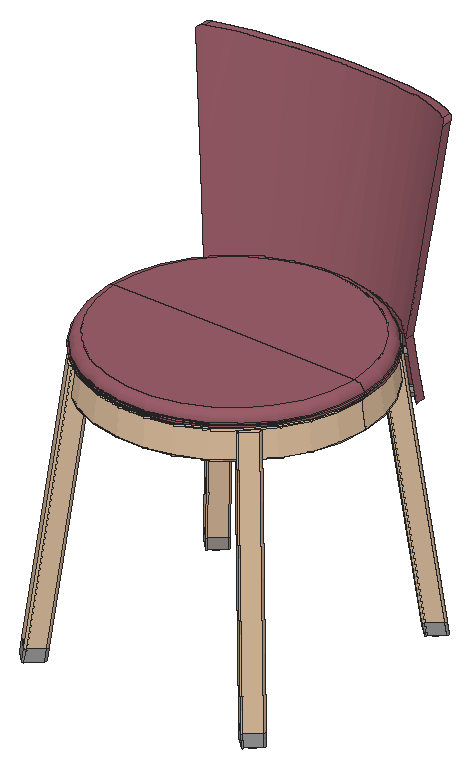
Revit family "FU_Chair_Sandler_Sella 290-02", category Furniture, Revit 2020
Family settings
  OmniClass Number = 23.40.20.00
  OmniClass Title = General Furniture and Specialties
  Work Plane-Based = No
  Always vertical = Yes
  Cut with Voids When Loaded = No
  Shared = No
  Room Calculation Point = No
Parameters (values of type "Sella 290.02")
  Width = 440 mm
  URL = "https://www.sandlerseating.com/product/sella-290-02/"
  Seat [instance] = Fabric - X2 - Subtract AK013
  Model = "Sella 290.02"
  Manufacturer = "Sandler"
  Height = 780 mm
  Frame [instance] = Wood - Beech - Cherry Wood - V
  Description = "Side chair in matt beech with upholstered or leather seat and back. Indoor use only."
  Depth = 510 mm
  Default Elevation = 0 mm
Reference planes
  plane 1 "Center (Front/Back)": y = 0
  plane 2: z = 0
  plane 3 "Center (Left/Right)": x = 0
  plane 4 "Right": x = -220
  plane 5 "Left": x = 220
  plane 6 "Back": y = 255
  plane 7 "Front": y = -255
  plane 8 "Height": z = 780
  plane 9 "Seat height": z = 480
  plane 10 "Seat Center TOP": y = -24.707
  plane 11 "FL RIGHT": through (4267.2, -214.927, 23.716) normal (0, -0.9948, 0.1017)
  plane 12 "BL RIGHT": through (4267.2, 165.507, 23.716) normal (0, -0.9948, -0.1017)
  plane 13 "Frame Height": z = 443.692
  plane 14 "back trim base": z = 455.137
Forms (mm)
  Revolve 1, solid, material "Wood - Beech - Cherry Wood - V" <- "Frame"
    sketch origin (0, -24.707, 0) x (-1, 0, 0) y (0, 0, 1)
      loop
        line (184.186, 443.692) -> (184.186, 400.228) -> (219.041, 400.228)
        arc (219.041, 400.228) -> (219.77, 400.56) -> (219.998, 401.327) r 0.966
        line (219.998, 401.327) -> (214.272, 442.861)
        arc (214.272, 442.861) -> (213.951, 443.455) -> (213.318, 443.692) r 0.963
        line (213.318, 443.692) -> (184.186, 443.692)
      axis (0, 400.228) -> (0, 443.692)
    angle from 0 to 360
  Sweep 2, solid, material "Stainless Steel, Brushed"
    path origin (0, -215.102, 21.999) x (0, -0.101741, -0.994811) y (1, 0, 0)
      loop
        line (31.95, -184.966) -> (-6.195, -181.26)
    profile "Pro_Sella_Leg : Pro_Sella_Leg" origin (-183.113, -216.412, 9.188) x (-0.995313, 0.009839, 0.096206) y (0, -0.994811, 0.101741)
      loop
        arc (-20.922, 1.83) -> (-21.654, 0.062) -> (-20.922, -1.706) r 2.5
        line (-20.922, -1.706) -> (-1.83, -20.797)
        arc (-1.83, -20.797) -> (-0.062, -21.53) -> (1.706, -20.797) r 2.5
        line (1.706, -20.797) -> (20.796, -1.707)
        arc (20.796, -1.707) -> (21.529, 0.062) -> (20.796, 1.832) r 2.503
        line (20.796, 1.832) -> (1.706, 20.922)
        arc (1.706, 20.922) -> (-0.062, 21.654) -> (-1.83, 20.922) r 2.5
        line (-1.83, 20.922) -> (-20.922, 1.83)
  Sweep 3, solid, material "Wood - Beech - Cherry Wood - V" <- "Frame"
    path origin (0, -215.102, 21.999) x (0, -0.101741, -0.994811) y (1, 0, 0)
      loop
        line (4.383, -182.288) -> (-437.802, -139.324)
    profile "Pro_Sella_Leg : Pro_Sella_Leg" origin (-160.806, -193.054, 237.584) x (-0.995313, 0.009839, 0.096206) y (0, -0.994811, 0.101741)
      loop
        arc (-20.922, 1.83) -> (-21.654, 0.062) -> (-20.922, -1.706) r 2.5
        line (-20.922, -1.706) -> (-1.83, -20.797)
        arc (-1.83, -20.797) -> (-0.062, -21.53) -> (1.706, -20.797) r 2.5
        line (1.706, -20.797) -> (20.796, -1.707)
        arc (20.796, -1.707) -> (21.529, 0.062) -> (20.796, 1.832) r 2.503
        line (20.796, 1.832) -> (1.706, 20.922)
        arc (1.706, 20.922) -> (-0.062, 21.654) -> (-1.83, 20.922) r 2.5
        line (-1.83, 20.922) -> (-20.922, 1.83)
  Extrusion 4, void
    sketch origin (0, 0, 0) x (1, 0, 0) y (0, 0, 1)
      loop
        line (-207.359, 23.715) -> (-207.359, 0) -> (-157.929, 0) -> (-157.929, 23.715) -> (-207.359, 23.715)
    from 180.748 to 250
  Extrusion 5, void
    sketch origin (0, 0, 0) x (1, 0, 0) y (0, 0, 1)
      loop
        line (-208.428, 23.715) -> (-208.428, 3.953) -> (-157.062, 3.953) -> (-157.062, 23.715) -> (-208.428, 23.715)
      loop
        line (-216.001, 36.017) -> (-216.001, -17.249) -> (-152.649, -17.249) -> (-152.649, 36.017) -> (-216.001, 36.017)
    from 185.353 to 250
  Sweep 6, solid, material "Stainless Steel, Brushed"
    path origin (0, -215.102, 21.999) x (0, -0.101741, -0.994811) y (-1, 0, 0)
      loop
        line (31.95, -184.966) -> (-6.195, -181.26)
    profile "Pro_Sella_Leg : Pro_Sella_Leg" origin (183.113, -216.412, 9.188) x (-0.995313, -0.009839, -0.096206) y (0, -0.994811, 0.101741)
      loop
        line (-1.83, 20.922) -> (-20.922, 1.83)
        arc (-20.922, 1.83) -> (-21.654, 0.062) -> (-20.922, -1.706) r 2.5
        line (-20.922, -1.706) -> (-1.832, -20.796)
        arc (-1.832, -20.796) -> (-0.062, -21.529) -> (1.707, -20.796) r 2.503
        line (1.707, -20.796) -> (20.797, -1.706)
        arc (20.797, -1.706) -> (21.53, 0.062) -> (20.797, 1.83) r 2.5
        line (20.797, 1.83) -> (1.706, 20.922)
        arc (1.706, 20.922) -> (-0.062, 21.654) -> (-1.83, 20.922) r 2.5
  Extrusion 7, void
    sketch origin (0, 0, 0) x (-1, 0, 0) y (0, 0, -1)
      loop
        line (-208.428, -23.715) -> (-157.062, -23.715) -> (-157.062, -3.953) -> (-208.428, -3.953) -> (-208.428, -23.715)
      loop
        line (-216.001, -36.017) -> (-152.649, -36.017) -> (-152.649, 17.249) -> (-216.001, 17.249) -> (-216.001, -36.017)
    from 185.353 to 250
  Sweep 8, solid, material "Stainless Steel, Brushed"
    path origin (0, 165.687, 21.999) x (0, 0.101741, -0.994811) y (-1, 0, 0)
      loop
        line (31.95, -184.966) -> (-6.195, -181.26)
    profile "Pro_Sella_Leg : Pro_Sella_Leg" origin (183.113, 166.998, 9.188) x (0.995313, -0.009839, 0.096206) y (0, 0.994811, 0.101741)
      loop
        arc (-20.922, 1.83) -> (-21.654, 0.062) -> (-20.922, -1.706) r 2.5
        line (-20.922, -1.706) -> (-1.83, -20.797)
        arc (-1.83, -20.797) -> (-0.062, -21.53) -> (1.706, -20.797) r 2.5
        line (1.706, -20.797) -> (20.796, -1.707)
        arc (20.796, -1.707) -> (21.529, 0.062) -> (20.796, 1.832) r 2.503
        line (20.796, 1.832) -> (1.706, 20.922)
        arc (1.706, 20.922) -> (-0.062, 21.654) -> (-1.83, 20.922) r 2.5
        line (-1.83, 20.922) -> (-20.922, 1.83)
  Extrusion 9, void
    sketch origin (0, -49.415, 0) x (-1, 0, 0) y (0, 0, 1)
      loop
        line (-208.428, 23.715) -> (-208.428, 3.953) -> (-157.062, 3.953) -> (-157.062, 23.715) -> (-208.428, 23.715)
      loop
        line (-216.001, 36.017) -> (-216.001, -17.249) -> (-152.649, -17.249) -> (-152.649, 36.017) -> (-216.001, 36.017)
    from 185.353 to 250
  Sweep 10, solid, material "Stainless Steel, Brushed"
    path origin (0, 165.687, 21.999) x (0, 0.101741, -0.994811) y (-1, 0, 0)
      loop
        line (31.95, 184.966) -> (-6.195, 181.26)
    profile "Pro_Sella_Leg : Pro_Sella_Leg" origin (-183.113, 166.998, 9.188) x (0.995313, 0.009839, -0.096206) y (0, 0.994811, 0.101741)
      loop
        line (-1.83, 20.922) -> (-20.922, 1.83)
        arc (-20.922, 1.83) -> (-21.654, 0.062) -> (-20.922, -1.706) r 2.5
        line (-20.922, -1.706) -> (-1.832, -20.796)
        arc (-1.832, -20.796) -> (-0.062, -21.529) -> (1.707, -20.796) r 2.503
        line (1.707, -20.796) -> (20.797, -1.706)
        arc (20.797, -1.706) -> (21.53, 0.062) -> (20.797, 1.83) r 2.5
        line (20.797, 1.83) -> (1.706, 20.922)
        arc (1.706, 20.922) -> (-0.062, 21.654) -> (-1.83, 20.922) r 2.5
  Extrusion 11, void
    sketch origin (0, -49.415, 0) x (1, 0, 0) y (0, 0, -1)
      loop
        line (-208.428, -23.715) -> (-157.062, -23.715) -> (-157.062, -3.953) -> (-208.428, -3.953) -> (-208.428, -23.715)
      loop
        line (-216.001, -36.017) -> (-152.649, -36.017) -> (-152.649, 17.249) -> (-216.001, 17.249) -> (-216.001, -36.017)
    from 185.353 to 250
  Sweep 12, solid, material "Wood - Beech - Cherry Wood - V" <- "Frame"
    path origin (0, -215.102, 21.999) x (0, -0.101741, -0.994811) y (-1, 0, 0)
      loop
        line (4.383, -182.288) -> (-437.802, -139.324)
    profile "Pro_Sella_Leg : Pro_Sella_Leg" origin (160.806, -193.054, 237.584) x (-0.995313, -0.009839, -0.096206) y (0, -0.994811, 0.101741)
      loop
        line (-1.83, 20.922) -> (-20.922, 1.83)
        arc (-20.922, 1.83) -> (-21.654, 0.062) -> (-20.922, -1.706) r 2.5
        line (-20.922, -1.706) -> (-1.832, -20.796)
        arc (-1.832, -20.796) -> (-0.062, -21.529) -> (1.707, -20.796) r 2.503
        line (1.707, -20.796) -> (20.797, -1.706)
        arc (20.797, -1.706) -> (21.53, 0.062) -> (20.797, 1.83) r 2.5
        line (20.797, 1.83) -> (1.706, 20.922)
        arc (1.706, 20.922) -> (-0.062, 21.654) -> (-1.83, 20.922) r 2.5
  Sweep 13, solid, material "Wood - Beech - Cherry Wood - V" <- "Frame"
    path origin (0, 165.687, 21.999) x (0, 0.101741, -0.994811) y (-1, 0, 0)
      loop
        line (4.383, -182.288) -> (-437.802, -139.324)
    profile "Pro_Sella_Leg : Pro_Sella_Leg" origin (160.806, 143.639, 237.584) x (0.995313, -0.009839, 0.096206) y (0, 0.994811, 0.101741)
      loop
        arc (-20.922, 1.83) -> (-21.654, 0.062) -> (-20.922, -1.706) r 2.5
        line (-20.922, -1.706) -> (-1.83, -20.797)
        arc (-1.83, -20.797) -> (-0.062, -21.53) -> (1.706, -20.797) r 2.5
        line (1.706, -20.797) -> (20.796, -1.707)
        arc (20.796, -1.707) -> (21.529, 0.062) -> (20.796, 1.832) r 2.503
        line (20.796, 1.832) -> (1.706, 20.922)
        arc (1.706, 20.922) -> (-0.062, 21.654) -> (-1.83, 20.922) r 2.5
        line (-1.83, 20.922) -> (-20.922, 1.83)
  Extrusion 14, void
    sketch origin (0, 0, 0) x (-1, 0, 0) y (0, 0, -1)
      loop
        line (-207.359, -23.715) -> (-157.929, -23.715) -> (-157.929, 0) -> (-207.359, 0) -> (-207.359, -23.715)
    from 180.748 to 250
  Extrusion 15, void
    sketch origin (0, -49.415, 0) x (-1, 0, 0) y (0, 0, 1)
      loop
        line (-207.359, 23.715) -> (-207.359, 0) -> (-157.929, 0) -> (-157.929, 23.715) -> (-207.359, 23.715)
    from 180.748 to 250
  Extrusion 16, void
    sketch origin (0, -49.415, 0) x (1, 0, 0) y (0, 0, -1)
      loop
        line (-207.359, -23.715) -> (-157.929, -23.715) -> (-157.929, 0) -> (-207.359, 0) -> (-207.359, -23.715)
    from 180.748 to 250
  Sweep 17, solid, material "Wood - Beech - Cherry Wood - V" <- "Frame"
    path origin (0, 165.687, 21.999) x (0, 0.101741, -0.994811) y (-1, 0, 0)
      loop
        line (4.383, 182.288) -> (-437.802, 139.324)
    profile "Pro_Sella_Leg : Pro_Sella_Leg" origin (-160.806, 143.639, 237.584) x (0.995313, 0.009839, -0.096206) y (0, 0.994811, 0.101741)
      loop
        line (-1.83, 20.922) -> (-20.922, 1.83)
        arc (-20.922, 1.83) -> (-21.654, 0.062) -> (-20.922, -1.706) r 2.5
        line (-20.922, -1.706) -> (-1.832, -20.796)
        arc (-1.832, -20.796) -> (-0.062, -21.529) -> (1.707, -20.796) r 2.503
        line (1.707, -20.796) -> (20.797, -1.706)
        arc (20.797, -1.706) -> (21.53, 0.062) -> (20.797, 1.83) r 2.5
        line (20.797, 1.83) -> (1.706, 20.922)
        arc (1.706, 20.922) -> (-0.062, 21.654) -> (-1.83, 20.922) r 2.5
  Extrusion 18, void
    sketch origin (0, 0, 480) x (-1, 0, 0) y (0, -1, 0)
      loop
        circle (0, 24.707) r 230
    from -36.308 to 0
  Extrusion 19, solid, material "Stainless Steel, Brushed"
    sketch origin (0, 0, 443.692) x (-1, 0, 0) y (0, -1, 0)
      loop
        circle (0, -178.881) r 9
      loop
        circle (0, 228.296) r 9
      loop
        circle (203.589, 24.707) r 9
      loop
        circle (-203.589, 24.707) r 9
    from 0 to 10
  Revolve 20, solid, material "Fabric - X2 - Subtract AK013" <- "Seat"
    sketch origin (0, -24.707, 0) x (-1, 0, 0) y (0, 0, 1)
      loop
        line (0, 450.609) -> (220, 450.609) -> (220, 452.586) -> (218.749, 452.586) -> (217.238, 453.988) -> (217.238, 455.555)
        arc (217.238, 455.555) -> (212.517, 465.973) -> (201.958, 470.373) r 15.605
        line (201.958, 470.373) -> (0, 470.373) -> (0, 450.609)
      axis (0, 470.373) -> (0, 450.609)
    angle from 0 to 360
  Extrusion 21, void
    sketch origin (0, 255, 0) x (-1, 0, 0) y (0, 0, 1)
      loop
        arc (199.67, 780) -> (205.134, 779.245) -> (207.543, 774.281) r 5.852
        line (207.543, 774.281) -> (169.519, 455.137) -> (179.368, 353.918) -> (220, 353.918) -> (220, 810.252) -> (-220, 810.252) -> (-220, 353.918) -> (-179.368, 353.918) -> (-169.519, 455.137) -> (-207.543, 774.281)
        arc (-207.543, 774.281) -> (-205.134, 779.245) -> (-199.67, 780) r 5.852
        arc (-199.67, 780) -> (0, 744.342) -> (199.67, 780) r 576.855
    from 6.519 to -147.561
  Sweep 22, solid, material "Fabric - X2 - Subtract AK013" <- "Seat"
    path origin (0, 0, 455.137) x (0, -1, 0) y (1, 0, 0)
      loop
        arc (-119.78, -172.194) -> (-200.075, 0) -> (-119.78, 172.194) r 224.783
    profile "Pro_Sella_BackTrim-Uph : Pro_Sella_BackTrim-Uph" origin (0, 200.075, 455.137) x (0, 1, 0) y (0, 0, 1)
      loop
        line (23.932, -97.262) -> (10.058, 0) -> (61.842, 339.361) -> (51.964, 340.538) -> (0, 0) -> (14.047, -98.475) -> (23.932, -97.262)
  Sweep 23, solid, material "Stainless Steel, Brushed"
    path origin (0, 0, 425.684) x (0, -1, 0) y (1, 0, 0)
      loop
        line (-131.113, -149.637) -> (-142.923, -161.446)
    profile "Pro_Circles : 12mm" origin (-155.541, 137.018, 425.684) x (-0.707107, -0.707107, 0) y (0, 0, 1)
      loop
        arc (-5.967, 0.067) -> (-4.287, -4.192) -> (-0.067, -5.967) r 5.901
        arc (-0.067, -5.967) -> (4.24, -4.24) -> (5.967, 0.067) r 5.902
        arc (5.967, 0.067) -> (4.192, 4.286) -> (-0.067, 5.967) r 5.901
        arc (-0.067, 5.967) -> (-4.238, 4.238) -> (-5.967, 0.067) r 5.9
  Sweep 24, solid, material "Stainless Steel, Brushed"
    path origin (4.515, 4.169, 366.988) x (0, -1, 0) y (1, 0, 0)
      loop
        line (-127.013, -155.567) -> (-143.277, -171.831)
    profile "Pro_Circles : 13mm" origin (-159.184, 139.314, 366.988) x (-0.707107, -0.707107, 0) y (0, 0, 1)
      loop
        arc (-6.467, 0.067) -> (-4.64, -4.545) -> (-0.067, -6.467) r 6.401
        arc (-0.067, -6.467) -> (4.593, -4.594) -> (6.467, 0.067) r 6.402
        arc (6.467, 0.067) -> (4.545, 4.64) -> (-0.067, 6.467) r 6.401
        arc (-0.067, 6.467) -> (-4.592, 4.592) -> (-6.467, 0.067) r 6.4
  Sweep 25, solid, material "Stainless Steel, Brushed"
    path origin (0, 0, 425.684) x (0, -1, 0) y (-1, 0, 0)
      loop
        line (-131.113, -149.637) -> (-142.923, -161.446)
    profile "Pro_Circles : 12mm" origin (155.541, 137.018, 425.684) x (-0.707107, 0.707107, 0) y (0, 0, 1)
      loop
        arc (5.967, 0.067) -> (4.238, 4.238) -> (0.067, 5.967) r 5.9
        arc (0.067, 5.967) -> (-4.192, 4.286) -> (-5.967, 0.067) r 5.901
        arc (-5.967, 0.067) -> (-4.24, -4.24) -> (0.067, -5.967) r 5.902
        arc (0.067, -5.967) -> (4.287, -4.192) -> (5.967, 0.067) r 5.901
  Sweep 26, solid, material "Stainless Steel, Brushed"
    path origin (-4.515, 4.169, 366.988) x (0, -1, 0) y (-1, 0, 0)
      loop
        line (-127.013, -155.567) -> (-143.277, -171.831)
    profile "Pro_Circles : 13mm" origin (159.184, 139.314, 366.988) x (-0.707107, 0.707107, 0) y (0, 0, 1)
      loop
        arc (6.467, 0.067) -> (4.592, 4.592) -> (0.067, 6.467) r 6.4
        arc (0.067, 6.467) -> (-4.545, 4.64) -> (-6.467, 0.067) r 6.401
        arc (-6.467, 0.067) -> (-4.593, -4.594) -> (0.067, -6.467) r 6.402
        arc (0.067, -6.467) -> (4.64, -4.545) -> (6.467, 0.067) r 6.401
  Revolve 27, solid, material "Rubber, Black"
    sketch origin (0, -217.009, 0) x (0, 0, 1) y (1, 0, 0)
      loop
        line (0, -183.67) -> (0, -192.226)
        arc (0, -192.226) -> (1.161, -195.001) -> (3.953, -196.122) r 3.896
        line (3.953, -196.122) -> (3.953, -183.67) -> (0, -183.67)
      axis (3.953, -183.67) -> (0, -183.67)
    angle from 0 to 360
  Revolve 28, solid, material "Rubber, Black"
    sketch origin (0, -217.009, 0) x (0, 0, 1) y (-1, 0, 0)
      loop
        line (0, -183.67) -> (0, -192.226)
        arc (0, -192.226) -> (1.161, -195.001) -> (3.953, -196.122) r 3.896
        line (3.953, -196.122) -> (3.953, -183.67) -> (0, -183.67)
      axis (3.953, -183.67) -> (0, -183.67)
    angle from 0 to 360
  Revolve 29, solid, material "Rubber, Black"
    sketch origin (0, 167.595, 0) x (0, 0, 1) y (-1, 0, 0)
      loop
        line (0, 183.67) -> (3.953, 183.67) -> (3.953, 196.122)
        arc (3.953, 196.122) -> (1.161, 195.001) -> (0, 192.226) r 3.896
        line (0, 192.226) -> (0, 183.67)
      axis (3.953, 183.67) -> (0, 183.67)
    angle from 0 to 360
  Revolve 30, solid, material "Rubber, Black"
    sketch origin (0, 167.595, 0) x (0, 0, 1) y (-1, 0, 0)
      loop
        line (0, -183.67) -> (0, -192.226)
        arc (0, -192.226) -> (1.161, -195.001) -> (3.953, -196.122) r 3.896
        line (3.953, -196.122) -> (3.953, -183.67) -> (0, -183.67)
      axis (3.953, -183.67) -> (0, -183.67)
    angle from 0 to 360
Cuts and joins
  Extrusion 4, Extrusion 7, Extrusion 14, Extrusion 18 cuts Sweep 3
  Extrusion 5, Extrusion 7, Extrusion 14 cuts Sweep 2
  Extrusion 7, Extrusion 9, Extrusion 15 cuts Sweep 6
  Extrusion 9, Extrusion 11, Extrusion 16 cuts Sweep 8
  Extrusion 11 cuts Sweep 10
  Extrusion 14, Extrusion 15, Extrusion 18 cuts Sweep 12
  Extrusion 15, Extrusion 16, Extrusion 18 cuts Sweep 13
  Extrusion 16, Extrusion 18 cuts Sweep 17
  Extrusion 21 cuts Sweep 22
Dimensions and locks
  equal spacing: plane 4 "Right", plane 3 "Center (Left/Right)", plane 5 "Left"
  "Width": plane 4 "Right" to plane 5 "Left"
  equal spacing: plane 6 "Back", plane 1 "Center (Front/Back)", plane 7 "Front"
  "Depth": plane 6 "Back" to plane 7 "Front"
  "Height": plane 8 "Height" to level
  plane 9 "Seat height" to level = 480 mm
  aligned and locked: level to plane 2
Automatic sketch dimensions
  Revolve 1 sketch curve to plane 3 "Center (Left/Right)" = 0 mm
  Revolve 1 sketch curve to plane 13 "Frame Height" = 0 mm
  Revolve 1 sketch curve to plane 4 "Right" = 35.814 mm
  Revolve 1 sketch curve to plane 4 "Right" = 6.682 mm
  Revolve 1 sketch curve to plane 13 "Frame Height" = 0.831 mm
  Revolve 1 sketch curve to Revolve 1 sketch curve = 0.954 mm
  Revolve 1 sketch curve to plane 4 "Right" = 0.959 mm
  Revolve 1 sketch curve to plane 4 "Right" = 0.002 mm
  Revolve 1 sketch curve to Revolve 1 sketch curve = 41.534 mm
  Revolve 1 sketch curve to Revolve 1 sketch curve = 0.132 mm
  Revolve 1 sketch curve to plane 13 "Frame Height" = 57.732 mm
  plane 9 "Seat height" to Revolve 1 sketch curve = 9.484 mm
  Sweep 2 sketch curve to plane 4 "Right" = 38.74 mm
  Sweep 2 sketch curve to plane 4 "Right" = 35.034 mm
  Sweep 2 sketch curve to Sweep 2 sketch curve = 38.145 mm
  Sweep 3 sketch curve to plane 4 "Right" = 80.676 mm
  Sweep 3 sketch curve to plane 4 "Right" = 37.712 mm
  Sweep 3 sketch curve to Sweep 3 sketch curve = 442.186 mm
  Extrusion 4 sketch curve to level = 0 mm
  Extrusion 4 sketch curve to plane 4 "Right" = 12.641 mm
  Extrusion 4 sketch curve to Extrusion 4 sketch curve = 49.43 mm
  level to Extrusion 4 sketch curve = 23.715 mm
  Extrusion 5 sketch curve to plane 4 "Right" = 3.999 mm
  level to Extrusion 5 sketch curve = 3.953 mm
  Extrusion 5 sketch curve to plane 4 "Right" = 11.572 mm
  level to Extrusion 5 sketch curve = 23.715 mm
  Extrusion 5 sketch curve to Extrusion 5 sketch curve = 51.366 mm
  Extrusion 5 sketch curve to Extrusion 5 sketch curve = 4.413 mm
  Extrusion 5 sketch curve to level = 17.249 mm
  Extrusion 5 sketch curve to Extrusion 5 sketch curve = 12.302 mm
  Sweep 6 sketch curve to plane 5 "Left" = 38.74 mm
  Sweep 6 sketch curve to plane 5 "Left" = 35.034 mm
  Sweep 6 sketch curve to Sweep 6 sketch curve = 38.145 mm
  Extrusion 7 sketch curve to plane 5 "Left" = 3.999 mm
  Extrusion 7 sketch curve to level = 3.953 mm
  Extrusion 7 sketch curve to plane 5 "Left" = 11.572 mm
  Extrusion 7 sketch curve to level = 23.715 mm
  Extrusion 7 sketch curve to Extrusion 7 sketch curve = 51.366 mm
  Extrusion 7 sketch curve to Extrusion 7 sketch curve = 4.413 mm
  level to Extrusion 7 sketch curve = 17.249 mm
  Extrusion 7 sketch curve to Extrusion 7 sketch curve = 12.302 mm
  plane 5 "Left" to Sweep 8 sketch curve = 38.74 mm
  plane 5 "Left" to Sweep 8 sketch curve = 35.034 mm
  Sweep 8 sketch curve to Sweep 8 sketch curve = 38.145 mm
  plane 5 "Left" to Extrusion 9 sketch curve = 3.999 mm
  level to Extrusion 9 sketch curve = 3.953 mm
  plane 5 "Left" to Extrusion 9 sketch curve = 11.572 mm
  level to Extrusion 9 sketch curve = 23.715 mm
  Extrusion 9 sketch curve to Extrusion 9 sketch curve = 51.366 mm
  Extrusion 9 sketch curve to Extrusion 9 sketch curve = 4.413 mm
  Extrusion 9 sketch curve to level = 17.249 mm
  Extrusion 9 sketch curve to Extrusion 9 sketch curve = 12.302 mm
  Sweep 10 sketch curve to plane 4 "Right" = 38.74 mm
  Sweep 10 sketch curve to plane 4 "Right" = 35.034 mm
  Sweep 10 sketch curve to Sweep 10 sketch curve = 38.145 mm
  Extrusion 11 sketch curve to plane 4 "Right" = 3.999 mm
  level to Extrusion 11 sketch curve = 3.953 mm
  Extrusion 11 sketch curve to plane 4 "Right" = 11.572 mm
  level to Extrusion 11 sketch curve = 23.715 mm
  Extrusion 11 sketch curve to Extrusion 11 sketch curve = 51.366 mm
  Extrusion 11 sketch curve to Extrusion 11 sketch curve = 4.413 mm
  Extrusion 11 sketch curve to Extrusion 11 sketch curve = 12.302 mm
  Extrusion 11 sketch curve to level = 17.249 mm
  Sweep 12 sketch curve to plane 5 "Left" = 80.676 mm
  Sweep 12 sketch curve to plane 5 "Left" = 37.712 mm
  Sweep 12 sketch curve to Sweep 12 sketch curve = 442.186 mm
  plane 5 "Left" to Sweep 13 sketch curve = 80.676 mm
  plane 5 "Left" to Sweep 13 sketch curve = 37.712 mm
  Sweep 13 sketch curve to Sweep 13 sketch curve = 442.186 mm
  Extrusion 14 sketch curve to level = 0 mm
  Extrusion 14 sketch curve to plane 5 "Left" = 12.641 mm
  Extrusion 14 sketch curve to Extrusion 14 sketch curve = 49.43 mm
  Extrusion 14 sketch curve to Extrusion 14 sketch curve = 23.715 mm
  Extrusion 15 sketch curve to level = 0 mm
  plane 5 "Left" to Extrusion 15 sketch curve = 12.641 mm
  Extrusion 15 sketch curve to Extrusion 15 sketch curve = 49.43 mm
  Extrusion 15 sketch curve to Extrusion 15 sketch curve = 23.715 mm
  Extrusion 16 sketch curve to level = 0 mm
  Extrusion 16 sketch curve to plane 4 "Right" = 12.641 mm
  Extrusion 16 sketch curve to Extrusion 16 sketch curve = 49.43 mm
  Extrusion 16 sketch curve to Extrusion 16 sketch curve = 23.715 mm
  Sweep 17 sketch curve to plane 4 "Right" = 80.676 mm
  Sweep 17 sketch curve to plane 4 "Right" = 37.712 mm
  Sweep 17 sketch curve to Sweep 17 sketch curve = 442.186 mm
  Extrusion 18 sketch curve to plane 3 "Center (Left/Right)" = 0 mm
  Extrusion 18 sketch curve to plane 10 "Seat Center TOP" = 0 mm
  Extrusion 19 sketch curve to plane 10 "Seat Center TOP" = 0 mm  (x2)
  Extrusion 19 sketch curve to plane 3 "Center (Left/Right)" = 0 mm  (x2)
  plane 5 "Left" to Extrusion 19 sketch curve = 16.411 mm
  Extrusion 19 sketch curve to plane 4 "Right" = 16.411 mm
  Revolve 20 sketch curve to plane 3 "Center (Left/Right)" = 0 mm  (x2)
  plane 4 "Right" to Revolve 20 sketch curve = 0 mm
  Revolve 20 sketch curve to plane 14 "back trim base" = 0.366 mm
  Revolve 20 sketch curve to plane 4 "Right" = 18.347 mm
  Revolve 20 sketch curve to Revolve 20 sketch curve = 0.306 mm
  Revolve 20 sketch curve to plane 14 "back trim base" = 1.149 mm
  Revolve 20 sketch curve to plane 4 "Right" = 2.762 mm
  Revolve 20 sketch curve to Revolve 20 sketch curve = 1.251 mm
  Revolve 20 sketch curve to plane 14 "back trim base" = 2.551 mm
  Revolve 20 sketch curve to Revolve 20 sketch curve = 1.976 mm
  plane 14 "back trim base" to Revolve 20 sketch curve = 0.418 mm
  Revolve 20 sketch curve to plane 13 "Frame Height" = 15.07 mm
  plane 9 "Seat height" to Revolve 20 sketch curve = 8.773 mm
  plane 5 "Left" to Extrusion 21 sketch curve = 0 mm
  Extrusion 21 sketch curve to plane 8 "Height" = 0 mm  (x4)
  Extrusion 21 sketch curve to plane 14 "back trim base" = 0 mm  (x2)
  Extrusion 21 sketch curve to plane 3 "Center (Left/Right)" = 0 mm
  plane 4 "Right" to Extrusion 21 sketch curve = 0 mm
  Extrusion 21 sketch curve to plane 8 "Height" = 5.719 mm  (x2)
  plane 5 "Left" to Extrusion 21 sketch curve = 12.457 mm
  Extrusion 21 sketch curve to plane 8 "Height" = 5.49 mm  (x2)
  Extrusion 21 sketch curve to Extrusion 21 sketch curve = 5.848 mm
  plane 5 "Left" to Extrusion 21 sketch curve = 40.632 mm
  plane 5 "Left" to Extrusion 21 sketch curve = 50.481 mm
  Extrusion 21 sketch curve to plane 13 "Frame Height" = 89.774 mm  (x2)
  plane 8 "Height" to Extrusion 21 sketch curve = 30.252 mm
  Sweep 22 sketch curve to plane 3 "Center (Left/Right)" = 0 mm
  Sweep 22 sketch curve to plane 10 "Seat Center TOP" = 0 mm
  Sweep 22 sketch curve to plane 4 "Right" = 47.806 mm
  Sweep 23 sketch curve to plane 4 "Right" = 58.554 mm
  Sweep 23 sketch curve to Sweep 23 sketch curve = 11.809 mm  (x2)
  Sweep 24 sketch curve to plane 4 "Right" = 52.684 mm
  Sweep 24 sketch curve to Sweep 24 sketch curve = 16.264 mm  (x2)
  Sweep 25 sketch curve to plane 5 "Left" = 58.554 mm
  Sweep 25 sketch curve to Sweep 25 sketch curve = 11.809 mm  (x2)
  Sweep 26 sketch curve to plane 5 "Left" = 52.684 mm
  Sweep 26 sketch curve to Sweep 26 sketch curve = 16.264 mm  (x2)
  Revolve 27 sketch curve to level = 0 mm
  Revolve 27 sketch curve to Revolve 27 sketch curve = 3.896 mm
  level to Revolve 27 sketch curve = 3.953 mm
  Revolve 27 sketch curve to plane 4 "Right" = 23.878 mm
  Revolve 27 sketch curve to Revolve 27 sketch curve = 8.556 mm
  Revolve 27 sketch curve to level = 0.829 mm
  Revolve 27 sketch curve to Revolve 27 sketch curve = 0 mm  (x2)
  Revolve 28 sketch curve to level = 0 mm
  Revolve 28 sketch curve to Revolve 28 sketch curve = 3.896 mm
  Revolve 28 sketch curve to level = 3.953 mm
  Revolve 28 sketch curve to plane 5 "Left" = 23.878 mm
  Revolve 28 sketch curve to Revolve 28 sketch curve = 8.556 mm
  level to Revolve 28 sketch curve = 0.829 mm
  Revolve 28 sketch curve to Revolve 28 sketch curve = 0 mm  (x2)
  Revolve 29 sketch curve to level = 0 mm
  Revolve 29 sketch curve to Revolve 29 sketch curve = 3.896 mm
  level to Revolve 29 sketch curve = 3.953 mm
  Revolve 29 sketch curve to plane 4 "Right" = 36.33 mm
  Revolve 29 sketch curve to Revolve 29 sketch curve = 8.556 mm
  Revolve 29 sketch curve to level = 0.829 mm
  Revolve 29 sketch curve to Revolve 29 sketch curve = 0 mm  (x2)
  Revolve 30 sketch curve to level = 0 mm
  Revolve 30 sketch curve to Revolve 30 sketch curve = 3.896 mm
  level to Revolve 30 sketch curve = 3.953 mm
  plane 5 "Left" to Revolve 30 sketch curve = 23.878 mm
  Revolve 30 sketch curve to Revolve 30 sketch curve = 8.556 mm
  Revolve 30 sketch curve to level = 0.829 mm
  Revolve 30 sketch curve to Revolve 30 sketch curve = 0 mm  (x2)
  plane 7 "Front" to Extrusion 19 sketch curve = 26.704 mm
  Extrusion 19 sketch curve to plane 6 "Back" = 76.119 mm
  plane 5 "Left" to Sweep 22 sketch curve = 47.806 mm
  Sweep 22 sketch curve to plane 1 "Center (Front/Back)" = 119.78 mm
  Sweep 23 sketch curve to plane 6 "Back" = 112.077 mm
  Sweep 24 sketch curve to plane 6 "Back" = 107.554 mm
  plane 6 "Back" to Sweep 25 sketch curve = 112.077 mm
  plane 6 "Back" to Sweep 26 sketch curve = 107.554 mm
  Extrusion 21 sketch curve to plane 4 "Right" = 50.481 mm
  Extrusion 21 sketch curve to plane 4 "Right" = 40.632 mm
  radius of Extrusion 18 sketch curve = 230 mm
  radius of Extrusion 19 sketch curve = 9 mm  (x4)
